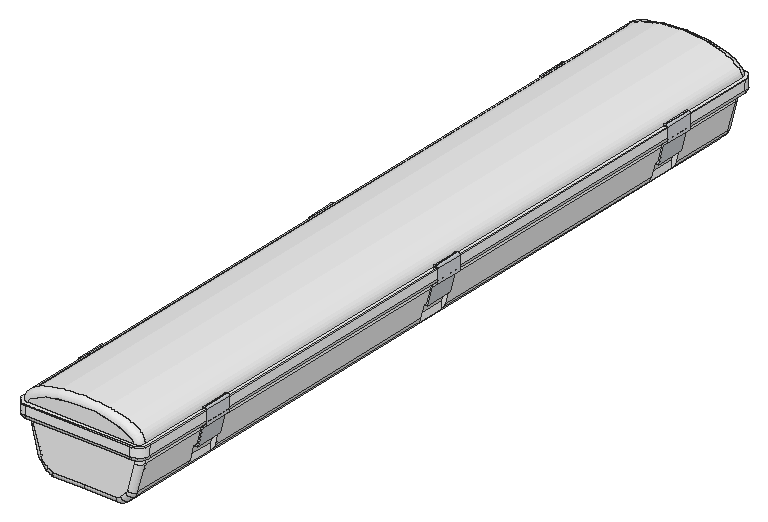
Revit family "0067942 Sylvania Lighting Fixture START Waterproof Twin 600 IP65 2500lm 840", category Lighting Fixtures, host Face, Revit 2016
Family settings
  Host = Face
  Part Type = Normal
  Round Connector Dimension = Use Diameter
  OmniClass Number = 23.80.70.11.14
  OmniClass Title = General Luminaries, Directional
  Cut with Voids When Loaded = No
  Light Source = Yes
  Shared = No
  Room Calculation Point = No
Parameters (values of type "0067942 ST WTRPRF T 600 IP65 2500LM 840")
  Width = 110 mm
  Weight = "1.18 kg"
  Wattage Comments = "n/a"
  Wattage = 20 W
  WarrantyStartDate [instance] = "n/a"
  WarrantyGuarantorParts = "n/a"
  WarrantyDurationUnit = "n/a"
  WarrantyDurationParts = "n/a"
  WarrantyDescription = "n/a"
  built-in parameter 1150110 = 1 (stored number, unit not read)
  Voltage = 0 V
  URL = "http://www.sylvania-lighting.com"
  TypeName = "START Waterproof Twin 600 IP65 2500lm 840"
  Type Image = <None>
  Type Comments = "n/a"
  built-in parameter 1114217 = 1 (stored number, unit not read)
  Tilt Angle = -90.00°
  built-in parameter 1150109 = 1 (stored number, unit not read)
  built-in parameter 1150134 = 12
  built-in parameter 1150113 = 1 (stored number, unit not read)
  SerialNumber [instance] = "n/a"
  ReflectorMaterial = none
  PowerFactor = 0
  PowerConsumption = "20 W"
  Photometric Web File = "0067942.ies"
  NominalWidth = 0 mm
  NominalLength = 665 mm
  NominalHeight = 78 mm
  Name = "START Waterproof Twin 600 IP65 2500lm 840"
  ModelReference = "START Waterproof Twin 600 IP65 2500lm 840"
  ModelNumber = "0067942"
  Model = "START Waterproof Twin 600 IP65 2500lm 840"
  Material = "polycarbonate housing, polycarbonate diffuser"
  ManufacturerName = "Feilo Sylvania"
  Manufacturer = "Feilo Sylvania"
  LuminousEfficacy = "122 lm/W"
  built-in parameter 1150105 = 194.17 (stored number, unit not read)
  Lumens = 2440 lm
  LuminaireType = ""
  built-in parameter 1150115 = 1 (stored number, unit not read)
  LightOutputRatio = "n/a"
  built-in parameter 1150137 = (empty or 0)
  built-in parameter 1150139 = (empty or 0)
  Length = 665 mm
  LampsType = Lamp  # "LED"
  LampNominalLuminous = "2450 lm"
  LampMacAdamStep = "n/a"
  LampColourTemperature = "4000 K"
  LampColourRenderingIndex = "80"
  built-in parameter 1150112 = 1 (stored number, unit not read)
  built-in parameter 1150114 = 1 (stored number, unit not read)
  Lamp = "LED"
  Keynote = "16500"
  InstallationDate [instance] = "n/a"
  InputVoltage = "n/a"
  InputNominalFrequency = "n/a"
  built-in parameter 1150132 = (empty or 0)
  built-in parameter 1150102 = (empty or 0)
  built-in parameter 1150107 = 4000 (stored number, unit not read)
  built-in parameter 1150138 = (empty or 0)
  IngressProtection = "IP65"
  ImpactProtectionIndex = "IK08"
  built-in parameter 1150106 = 1.9417 (stored number, unit not read)
  IfcExportType = "IfcLightFixtureType"
  IfcExportAs = "IfcLightFixtureType"
  ExpectedLife = 50000
  Emit from Rectangle Width = Width - 20 mm  # 90 mm
  Emit from Rectangle Length = Length - 20 mm  # 645 mm
  Emit Shape Visible in Rendering = no
  ElectricShockClassification = "Class I"
  built-in parameter 1150104 = 11.334 (stored number, unit not read)
  DurationUnit = "hours"
  DocumentationLiterature = "http://www.sylvania-lighting.com/product/en-int/products/0067942"
  DimmingControlOptions = "n/a"
  Dimming Lamp Color Temperature Shift = <None>
  DiffuserMaterial = Diffuser-Sylvania-Transparent
  Description = ""
  Default Elevation = 1219.2 mm
  CreatedOn = "11/27/2018"
  CreatedBy = "@sylvania-lighting.com"
  Cost = 0
  Color Filter = 16777215
  built-in parameter 1114216 [instance] = (empty or 0)
  ClassificationValue = "EF_70_80"
  ClassificationName = "Uniclass2015"
  BracketOffset_FEILO = 360 mm
  BodyMaterial = Body-Sylvania-Gray
  BarCode [instance] = "n/a"
  built-in parameter 1114218 = 1 (stored number, unit not read)
  built-in parameter 1150133 = 10 (stored number, unit not read)
  AssetType = "Fixed"
  AssetIdentifier [instance] = "n/a"
  Assembly Code = "D5020200"
  Apparent Load = 20 VA
  AccessoryMaterial = Diffuser-Sylvania-Glow
Reference planes
  plane 1 "Center (Front/Back)": y = 0
  plane 2: z = 0
  plane 3 "Center (Left/Right)": x = 0
  plane 4: z = 54
  plane 5: x = -27.7
  plane 6: x = -34.8
  plane 7: x = -39.6
  plane 8: x = -42.2
  plane 9: z = 3
  plane 10: z = 7.8
  plane 11: z = 12.3
  plane 12: z = 36.6
  plane 13: z = 42.8
  plane 14: x = -51.1
  plane 15: z = 46.2
  plane 16: x = -55
  plane 17: y = 332.5
  plane 18: y = -332.5
  plane 19: x = 27.7
  plane 20: x = 34.8
  plane 21: x = 39.6
  plane 22: x = 42.2
  plane 23: x = 51.1
  plane 24: x = 55
  plane 25: y = 324.9
  plane 26: y = -324.9
  plane 27: y = -321.2
  plane 28: y = 321.2
  plane 29: z = 74
  plane 30: x = -51.5
  plane 31: x = 51.5
  plane 32: z = 55.2
  plane 33: y = -329
  plane 34: y = 329
  plane 35: x = -37.5
  plane 36: x = 37.5
  plane 37: x = -48.7
  plane 38: x = 48.7
  plane 39: x = 18
  plane 40: x = -18
  plane 41: z = 50.2
  plane 42: z = 24.6
  plane 43: y = 720
  plane 44: y = 706
  plane 45: y = 734
  plane 46: y = 250
  plane 47: y = 236
  plane 48: y = 264
  plane 49: y = 0
  plane 50: y = -14
  plane 51: y = 14
  plane 52: y = -250
  plane 53: y = -264
  plane 54: y = -236
Forms (mm)
  Sweep 1, solid, material "Body-Sylvania-Gray" <- "BodyMaterial", detail levels medium+fine
    path origin (1223.4, -4572, 54) x (0, -1, 0) y (1, 0, 0)
      loop
        arc (-4249.5, -1278.4) -> (-4242.429, -1275.471) -> (-4239.5, -1268.4) r 10
        line (-4239.5, -1268.4) -> (-4239.5, -1178.4)
        arc (-4239.5, -1178.4) -> (-4242.429, -1171.329) -> (-4249.5, -1168.4) r 10
        line (-4249.5, -1168.4) -> (-4894.5, -1168.4)
        arc (-4894.5, -1168.4) -> (-4901.571, -1171.329) -> (-4904.5, -1178.4) r 10
        line (-4904.5, -1178.4) -> (-4904.5, -1268.4)
        arc (-4904.5, -1268.4) -> (-4901.571, -1275.471) -> (-4894.5, -1278.4) r 10
        line (-4894.5, -1278.4) -> (-4249.5, -1278.4)
    profile origin (-55, 0, 54) x (-1, 0, 0) y (0, 0, 1)
      loop
        line (0, 0) -> (-1, 0) -> (-1, -7.726)
        arc (-1, -7.726) -> (-1.994, -9.498) -> (-3.9, -10.2) r 2.937
        line (-3.9, -10.2) -> (-8.571, -10.2) -> (-8.571, -11.2) -> (-3.9, -11.2)
        arc (-3.9, -11.2) -> (-1.313, -10.231) -> (0, -7.8) r 3.937
        line (0, -7.8) -> (0, 0)
  Sweep 2, solid, material "Body-Sylvania-Gray" <- "BodyMaterial", detail levels medium+fine
    path origin (0, 0, 0) x (1, 0, 0) y (0, 0, 1)
      loop
        line (48.7, 42.8) -> (48.7, 36.6) -> (42.203, 12.31)
        arc (42.203, 12.31) -> (41.199, 9.884) -> (39.6, 7.8) r 10.052
        line (39.6, 7.8) -> (34.8, 3)
        arc (34.8, 3) -> (31.554, 0.781) -> (27.7, 0) r 9.902
        line (27.7, 0) -> (0, 0) -> (-27.7, 0)
        arc (-27.7, 0) -> (-31.554, 0.781) -> (-34.8, 3) r 9.902
        line (-34.8, 3) -> (-39.6, 7.8)
        arc (-39.6, 7.8) -> (-41.199, 9.884) -> (-42.203, 12.31) r 10.052
        line (-42.203, 12.31) -> (-48.7, 36.6) -> (-48.7, 42.8)
    profile origin (0, 0, 0) x (0, 0, -1) y (0, -1, 0)
      loop
        arc (0, 319.9) -> (-1.464, 323.436) -> (-5, 324.9) r 5
        line (-5, 324.9) -> (-7.8, 324.9) -> (-7.8, -324.9) -> (-5, -324.9)
        arc (-5, -324.9) -> (-1.464, -323.436) -> (0, -319.9) r 5
        line (0, -319.9) -> (0, 319.9)
  Extrusion 3, solid, material "Body-Sylvania-Gray" <- "BodyMaterial", detail levels medium+fine
    sketch origin (1524, 324.9, 1219.2) x (1, 0, 0) y (0, 0, 1)
      loop
        arc (-1558.668, -1204.874) -> (-1558.443, -1205.418) -> (-1558.085, -1205.885) r 2.252
        line (-1558.085, -1205.885) -> (-1553.231, -1210.738)
        arc (-1553.231, -1210.738) -> (-1552.534, -1211.227) -> (-1551.7, -1211.4) r 2.102
        line (-1551.7, -1211.4) -> (-1496.3, -1211.4)
        arc (-1496.3, -1211.4) -> (-1495.466, -1211.227) -> (-1494.769, -1210.738) r 2.102
        line (-1494.769, -1210.738) -> (-1489.915, -1205.885)
        arc (-1489.915, -1205.885) -> (-1489.557, -1205.418) -> (-1489.332, -1204.874) r 2.252
        line (-1489.332, -1204.874) -> (-1483.1, -1181.575) -> (-1483.1, -1176.4) -> (-1564.9, -1176.4) -> (-1564.9, -1181.575) -> (-1558.668, -1204.874)
    from 0 to 649.8
  Sweep 4, solid, material "Diffuser-Sylvania-Transparent" <- "DiffuserMaterial", detail levels medium+fine
    path origin (0, 0, 0) x (1, 0, 0) y (0, 0, 1)
      loop
        spline (-51.5, 55.2) -> (-49.745, 60.066) -> (-44.6, 64.6) -> (-36.416, 68.494) -> (-25.75, 71.481) -> (-13.329, 73.359) -> (0, 74) -> (13.329, 73.359) -> (25.75, 71.481) -> (36.416, 68.494) -> (44.6, 64.6) -> (49.745, 60.066) -> (51.5, 55.2)
    profile origin (51.5, 0, 55.2) x (0, -1, 0) y (1, 0, 0)
      loop
        arc (329, -5.5) -> (327.389, -1.611) -> (323.5, 0) r 5.5
        line (323.5, 0) -> (-323.5, 0)
        arc (-323.5, 0) -> (-327.389, -1.611) -> (-329, -5.5) r 5.5
        line (-329, -5.5) -> (-329, -6.3) -> (-328, -6.3) -> (-328, -5.5)
        arc (-328, -5.5) -> (-326.682, -2.318) -> (-323.5, -1) r 4.5
        line (-323.5, -1) -> (323.5, -1)
        arc (323.5, -1) -> (326.682, -2.318) -> (328, -5.5) r 4.5
        line (328, -5.5) -> (328, -6.347) -> (329, -6.347) -> (329, -5.5)
  Extrusion 5, solid, material "Diffuser-Sylvania-Transparent" <- "DiffuserMaterial", detail levels medium+fine
    sketch origin (1524, -329, 1219.2) x (1, 0, 0) y (0, 0, 1)
      loop
        line (-1569.653, -1164) -> (-1478.347, -1164)
        spline (-1478.347, -1164) -> (-1478.969, -1162.594) -> (-1482.527, -1159.545) -> (-1489.588, -1156.201) -> (-1499.458, -1153.445) -> (-1511.242, -1151.663) -> (-1524, -1151.049) -> (-1536.758, -1151.663) -> (-1548.542, -1153.445) -> (-1558.412, -1156.201) -> (-1565.473, -1159.545) -> (-1569.031, -1162.594) -> (-1569.653, -1164)
    from 0 to -1
  Extrusion 6, solid, material "Diffuser-Sylvania-Transparent" <- "DiffuserMaterial", detail levels medium+fine
    sketch origin (1524, 329, 1219.2) x (1, 0, 0) y (0, 0, 1)
      loop
        spline (-1478.3, -1164) -> (-1478.931, -1162.565) -> (-1482.502, -1159.505) -> (-1489.572, -1156.155) -> (-1499.446, -1153.394) -> (-1511.236, -1151.614) -> (-1524, -1151.007) -> (-1536.764, -1151.614) -> (-1548.554, -1153.394) -> (-1558.428, -1156.155) -> (-1565.498, -1159.505) -> (-1569.069, -1162.565) -> (-1569.7, -1164)
        line (-1569.7, -1164) -> (-1478.3, -1164)
    from 0 to 1
  Extrusion 7, solid, material "Diffuser-Sylvania-Transparent" <- "DiffuserMaterial", detail levels medium+fine
    sketch origin (1223.4, -4572, 55.2) x (0, -1, 0) y (-1, 0, 0)
      loop
        arc (-4900, 1177.4) -> (-4898.682, 1174.218) -> (-4895.5, 1172.9) r 4.5
        line (-4895.5, 1172.9) -> (-4248.5, 1172.9)
        arc (-4248.5, 1172.9) -> (-4245.318, 1174.218) -> (-4244, 1177.4) r 4.5
        line (-4244, 1177.4) -> (-4244, 1269.4)
        arc (-4244, 1269.4) -> (-4245.318, 1272.582) -> (-4248.5, 1273.9) r 4.5
        line (-4248.5, 1273.9) -> (-4895.5, 1273.9)
        arc (-4895.5, 1273.9) -> (-4898.682, 1272.582) -> (-4900, 1269.4) r 4.5
        line (-4900, 1269.4) -> (-4900, 1177.4)
      loop
        line (-4904.5, 1268.4) -> (-4904.5, 1178.4)
        arc (-4904.5, 1178.4) -> (-4901.571, 1171.329) -> (-4894.5, 1168.4) r 10
        line (-4894.5, 1168.4) -> (-4249.5, 1168.4)
        arc (-4249.5, 1168.4) -> (-4242.429, 1171.329) -> (-4239.5, 1178.4) r 10
        line (-4239.5, 1178.4) -> (-4239.5, 1268.4)
        arc (-4239.5, 1268.4) -> (-4242.429, 1275.471) -> (-4249.5, 1278.4) r 10
        line (-4249.5, 1278.4) -> (-4894.5, 1278.4)
        arc (-4894.5, 1278.4) -> (-4901.571, 1275.471) -> (-4904.5, 1268.4) r 10
    from 0 to 1.2
  Extrusion 8, solid, material "Diffuser-Sylvania-Glow" <- "AccessoryMaterial", detail levels fine
    sketch origin (0, 0, 0) x (1, 0, 0) y (0, 0, 1)
      loop
        circle (-18, 50.2) r 8
      loop
        circle (18, 50.2) r 8
    from -321.2 to 321.2
  Extrusion 9, solid, material "Body-Sylvania-Gray" <- "BodyMaterial", detail levels coarse
    sketch origin (0, 0, 0) x (1, 0, 0) y (0, 0, 1)
      loop
        line (55, 42.8) -> (55, 55.2) -> (-55, 55.2) -> (-55, 42.791) -> (-42.2, 0) -> (42.2, 0) -> (55, 42.8)
    from -332.5 to 332.5
  Extrusion 10, solid, material "Diffuser-Sylvania-Transparent" <- "DiffuserMaterial", detail levels coarse
    sketch origin (0, 0, 0) x (1, 0, 0) y (0, 0, 1)
      loop
        arc (51.5, 55.2) -> (0, 74) -> (-51.5, 55.2) r 79.939
        line (-51.5, 55.2) -> (51.5, 55.2)
    from 324.9 to -324.9
  Extrusion 11, void, not visible
    sketch origin (0, 720, 2343.807) x (0, 0, -1) y (-1, 0, 0)
      loop
        line (2340.807, -37.5) -> (2331.507, -37.5) -> (2319.207, -42.2) -> (2319.207, -48.7) -> (2340.807, -48.7) -> (2340.807, -37.5)
      loop
        line (2340.807, 37.5) -> (2340.807, 48.7) -> (2319.207, 48.7) -> (2319.207, 42.2) -> (2331.507, 37.5) -> (2340.807, 37.5)
    from -14 to 14
  Extrusion 12, void
    sketch origin (0, 250, 2343.807) x (0, 0, -1) y (-1, 0, 0)
      loop
        line (2340.807, -37.5) -> (2331.507, -37.5) -> (2319.207, -42.2) -> (2319.207, -48.7) -> (2340.807, -48.7) -> (2340.807, -37.5)
      loop
        line (2340.807, 37.5) -> (2340.807, 48.7) -> (2319.207, 48.7) -> (2319.207, 42.2) -> (2331.507, 37.5) -> (2340.807, 37.5)
    from -14 to 14
  Extrusion 13, void
    sketch origin (0, 0, 2343.807) x (0, 0, -1) y (-1, 0, 0)
      loop
        line (2340.807, -37.5) -> (2331.507, -37.5) -> (2319.207, -42.2) -> (2319.207, -48.7) -> (2340.807, -48.7) -> (2340.807, -37.5)
      loop
        line (2340.807, 37.5) -> (2340.807, 48.7) -> (2319.207, 48.7) -> (2319.207, 42.2) -> (2331.507, 37.5) -> (2340.807, 37.5)
    from -14 to 14
  Extrusion 14, void
    sketch origin (0, -250, 2343.807) x (0, 0, -1) y (-1, 0, 0)
      loop
        line (2340.807, -37.5) -> (2331.507, -37.5) -> (2319.207, -42.2) -> (2319.207, -48.7) -> (2340.807, -48.7) -> (2340.807, -37.5)
      loop
        line (2340.807, 37.5) -> (2340.807, 48.7) -> (2319.207, 48.7) -> (2319.207, 42.2) -> (2331.507, 37.5) -> (2340.807, 37.5)
    from -14 to 14
Cuts and joins
  Extrusion 12, Extrusion 13, Extrusion 14 cuts Sweep 2
  Extrusion 12, Extrusion 13, Extrusion 14 cuts Extrusion 3
  joined: Sweep 2, Extrusion 3
  joined: Sweep 4, Extrusion 5, Extrusion 6
Dimensions and locks
  locked: plane 4 to plane 2 at 54
  plane 5 to plane 6 to plane 7 to plane 8 to plane 14 to plane 16 = 7.1 mm locked, 4.8 mm locked, 2.6 mm locked, 8.9 mm, 3.9 mm
  plane 4 to plane 15 to plane 13 to plane 12 to plane 11 to plane 10 to plane 9 = 7.8 mm locked, 3.4 mm, 6.2 mm locked, 24.3 mm locked, 4.5 mm locked, 4.8 mm locked
  equal spacing: plane 18, plane 1 "Center (Front/Back)", plane 17
  "Length": plane 18 to plane 17
  plane 19 to plane 20 to plane 21 to plane 22 to plane 23 to plane 24 = 7.1 mm locked, 4.8 mm locked, 2.6 mm locked, 8.9 mm, 3.9 mm
  equal spacing: plane 24, plane 3 "Center (Left/Right)", plane 16
  "Width": plane 24 to plane 16
  equal spacing: plane 27, plane 1 "Center (Front/Back)", plane 28
  locked: plane 26 to plane 27 at 3.7
  locked: Sweep 1 sketch curve to profile plane at 1
  locked: Sweep 1 sketch curve to plane 13 at 1
  locked: Sweep 1 sketch curve to plane 13 at 3.937  (x2)
  locked: Sweep 1 sketch curve to profile plane at 3.9  (x2)
  locked: plane 29 to plane 4 at 20
  equal spacing: plane 31, plane 3 "Center (Left/Right)", plane 30
  locked: plane 30 to plane 16 at 3.5
  locked: plane 32 to plane 4 at 1.2
  equal spacing: plane 33, plane 1 "Center (Front/Back)", plane 34
  equal spacing: plane 36, plane 3 "Center (Left/Right)", plane 35
  locked: plane 3 "Center (Left/Right)" to plane 35 at 37.5
  locked: plane 34 to plane 17 at 3.5
  equal spacing: plane 38, plane 3 "Center (Left/Right)", plane 37
  locked: plane 37 to plane 16 at 6.3
  equal spacing: plane 25, plane 1 "Center (Front/Back)", plane 26
  locked: plane 17 to plane 25 at 7.6
  locked: Sweep 2 sketch curve to plane 2 at 5  (x2)
  locked: Sweep 2 sketch curve to plane 26 at 5
  locked: plane 25 to Sweep 2 sketch curve at 5
  locked: Sweep 4 sketch curve to plane 31 at 5.5  (x2)
  locked: Sweep 4 sketch curve to plane 34 at 5.5
  plane 33 to Sweep 4 sketch curve = 5.5 mm
  locked: plane 34 to Sweep 4 sketch curve at 1
  locked: Sweep 4 sketch curve to plane 31 at 1
  locked: Sweep 4 sketch curve to Sweep 4 sketch curve at 1
  locked: Sweep 4 sketch curve to plane 31 at 6.347
  locked: Sweep 4 sketch curve to plane 31 at 6.3
  equal spacing: plane 39, plane 3 "Center (Left/Right)", plane 40
  locked: plane 3 "Center (Left/Right)" to plane 40 at 18
  locked: plane 42 to plane 2 at 24.6
  plane 45 to plane 43 to plane 44 = 14 mm locked, 14 mm locked
  plane 48 to plane 46 to plane 47 = 14 mm locked, 14 mm locked
  plane 51 to plane 49 to plane 50 = 14 mm locked, 14 mm locked
  plane 54 to plane 52 to plane 53 = 14 mm locked, 14 mm locked
  equal spacing: plane 46, plane 1 "Center (Front/Back)", plane 52
  locked: plane 46 to plane 1 "Center (Front/Back)" at 250
  aligned and locked: plane 2 to host face
  aligned and locked: level to host face
  aligned and locked: plane 16 to Sweep 1 sketch curve
  aligned and locked: Sweep 1 sketch curve to plane 24
  aligned and locked: plane 18 to Sweep 1 sketch curve
  aligned and locked: Sweep 1 sketch curve to plane 13
  aligned and locked: profile plane to Sweep 1 sketch curve
  aligned and locked: plane 3 "Center (Left/Right)" to Sweep 2 sketch curve
  aligned and locked: plane 9 to Sweep 2 sketch curve
  aligned and locked: plane 10 to Sweep 2 sketch curve
  aligned and locked: plane 37 to Sweep 2 sketch curve
  aligned and locked: plane 12 to Sweep 2 sketch curve
  aligned and locked: Sweep 2 sketch curve to level
  aligned and locked: plane 21 to Sweep 2 sketch curve
  aligned and locked: plane 38 to Sweep 2 sketch curve
  aligned and locked: profile plane to Sweep 2 sketch curve
  aligned and locked: plane 25 to Sweep 2 sketch curve
  aligned and locked: Sweep 2 sketch curve to plane 10
  aligned and locked: Extrusion 3 sketch curve to Sweep 2  (x7)
  aligned and locked: Sweep 2 to Extrusion 3 sketch curve
  aligned and locked: Extrusion 3 to plane 25
  aligned and locked: plane 26 to Extrusion 3
  aligned and locked: plane 32 to Sweep 4 sketch curve
  aligned and locked: plane 33 to Sweep 4 sketch curve
  aligned and locked: Sweep 4 to Extrusion 5
  aligned and locked: plane 33 to Extrusion 5
  aligned and locked: Extrusion 5 sketch curve to Sweep 4
  aligned and locked: cut or joined group of Sweep 4, Extrusion 5, Extrusion 6 to Extrusion 6 sketch curve
  aligned and locked: Extrusion 7 sketch curve to cut or joined group of Sweep 4, Extrusion 5, Extrusion 6  (x2)
  aligned and locked: cut or joined group of Sweep 4, Extrusion 5, Extrusion 6 to Extrusion 7 sketch curve  (x2)
  aligned and locked: plane 41 to Extrusion 8 sketch curve  (x2)
  aligned and locked: plane 39 to Extrusion 8 sketch curve
  aligned and locked: plane 27 to Extrusion 8
  aligned and locked: Extrusion 8 to plane 28
  aligned and locked: Extrusion 7 sketch curve to Sweep 1  (x4)
  aligned and locked: plane 4 to Extrusion 7
  aligned and locked: Extrusion 7 to plane 32
  aligned and locked: Extrusion 9 sketch curve to plane 24
  aligned and locked: Extrusion 9 sketch curve to Extrusion 7
  aligned and locked: plane 8 to Extrusion 9 sketch curve
  aligned and locked: plane 22 to Extrusion 9 sketch curve
  aligned and locked: level to Extrusion 9 sketch curve
  aligned and locked: Extrusion 9 to plane 17
  aligned and locked: plane 18 to Extrusion 9
  aligned and locked: cut or joined group of Sweep 4, Extrusion 5, Extrusion 6 to Extrusion 10 sketch curve
  aligned and locked: Extrusion 10 sketch curve to cut or joined group of Sweep 4, Extrusion 5, Extrusion 6  (x2)
  aligned and locked: plane 31 to Extrusion 10 sketch curve
  aligned and locked: plane 30 to Extrusion 10 sketch curve
  aligned and locked: plane 26 to Extrusion 10
  aligned and locked: Extrusion 10 to plane 25
  aligned and locked: imposter light to plane 29
  aligned and locked: plane 3 "Center (Left/Right)" to imposter light
  aligned and locked: plane 1 "Center (Front/Back)" to imposter light
  aligned and locked: plane 47 to Extrusion 12
  aligned and locked: Extrusion 12 to plane 48
  aligned and locked: plane 50 to Extrusion 13
  aligned and locked: Extrusion 13 to plane 51
  aligned and locked: plane 53 to Extrusion 14
  aligned and locked: Extrusion 14 to plane 54
  aligned and locked: nested 1 to plane 46
  aligned and locked: plane 46 to nested 6
  aligned and locked: nested 2 to plane 49
  aligned and locked: plane 49 to nested 5
  aligned and locked: nested 3 to plane 52
  aligned and locked: plane 52 to nested 4
  aligned and locked: plane 49 to plane 1 "Center (Front/Back)"
Automatic sketch dimensions
  host sketch curve to host sketch curve = 2438.4 mm  (x2)
  plane 17 to Sweep 1 sketch curve = 0 mm
  Sweep 1 sketch curve to plane 28 = 1.3 mm
  Sweep 1 sketch curve to plane 7 = 5.4 mm
  plane 27 to Sweep 1 sketch curve = 1.3 mm  (x2)
  Sweep 1 sketch curve to Sweep 1 sketch curve = 4.671 mm
  Sweep 1 sketch curve to plane 4 = 0 mm
  Sweep 2 sketch curve to plane 7 = 0 mm
  Sweep 2 sketch curve to plane 6 = 0 mm
  Sweep 2 sketch curve to plane 5 = 0 mm
  plane 19 to Sweep 2 sketch curve = 0 mm
  Sweep 2 sketch curve to plane 9 = 0 mm
  plane 20 to Sweep 2 sketch curve = 0 mm
  Sweep 2 sketch curve to plane 12 = 0 mm
  Sweep 2 sketch curve to plane 10 = 0 mm
  Sweep 2 sketch curve to plane 13 = 0 mm  (x2)
  Sweep 2 sketch curve to plane 8 = 0.003 mm
  plane 6 to Sweep 2 sketch curve = 2.308 mm
  plane 20 to Sweep 2 sketch curve = 2.308 mm
  Sweep 2 sketch curve to plane 22 = 0.003 mm
  Sweep 2 sketch curve to plane 11 = 0.01 mm  (x2)
  Extrusion 3 sketch curve to plane 5 = 0 mm
  plane 19 to Extrusion 3 sketch curve = 0 mm
  plane 6 to Extrusion 3 sketch curve = 0.132 mm
  plane 6 to Extrusion 3 sketch curve = 0.715 mm
  Extrusion 3 sketch curve to Extrusion 3 sketch curve = 1.592 mm
  Extrusion 3 sketch curve to plane 10 = 0.662 mm  (x2)
  plane 20 to Extrusion 3 sketch curve = 2.308 mm
  plane 20 to Extrusion 3 sketch curve = 0.715 mm
  plane 20 to Extrusion 3 sketch curve = 0.132 mm
  Sweep 4 sketch curve to plane 30 = 0 mm
  Sweep 4 sketch curve to plane 3 "Center (Left/Right)" = 0 mm
  Sweep 4 sketch curve to Sweep 4 sketch curve = 0 mm  (x2)
  plane 37 to Extrusion 5 sketch curve = 3.047 mm
  Extrusion 5 sketch curve to plane 38 = 3.047 mm
  plane 37 to Extrusion 6 sketch curve = 3 mm
  Extrusion 6 sketch curve to plane 38 = 3 mm
  plane 25 to Extrusion 7 sketch curve = 1.4 mm  (x2)
  Extrusion 7 sketch curve to plane 26 = 1.4 mm  (x2)
  Extrusion 8 sketch curve to plane 40 = 0 mm
  Extrusion 9 sketch curve to plane 13 = 0 mm
  plane 13 to Extrusion 9 sketch curve = 0.009 mm
  Extrusion 10 sketch curve to level = 5.939 mm
  Extrusion 9 sketch curve to plane 16 = 0 mm
  Extrusion 11 sketch curve to Extrusion 11 sketch curve = 0 mm
  Extrusion 11 sketch curve to Extrusion 11 sketch curve = 12.3 mm  (x2)
  Extrusion 11 sketch curve to Extrusion 11 sketch curve = 9.3 mm  (x2)
  Extrusion 11 sketch curve to Extrusion 11 sketch curve = 6.5 mm
  Extrusion 11 sketch curve to Extrusion 11 sketch curve = 4.7 mm  (x2)
  Extrusion 11 sketch curve to Extrusion 11 sketch curve = 75 mm
  Extrusion 11 sketch curve to Extrusion 11 sketch curve = 11.2 mm
  Extrusion 12 sketch curve to Extrusion 12 sketch curve = 0 mm
  Extrusion 12 sketch curve to Extrusion 12 sketch curve = 12.3 mm  (x2)
  Extrusion 12 sketch curve to Extrusion 12 sketch curve = 9.3 mm  (x2)
  Extrusion 12 sketch curve to Extrusion 12 sketch curve = 6.5 mm
  Extrusion 12 sketch curve to Extrusion 12 sketch curve = 4.7 mm  (x2)
  Extrusion 12 sketch curve to Extrusion 12 sketch curve = 75 mm
  Extrusion 12 sketch curve to Extrusion 12 sketch curve = 11.2 mm
  Extrusion 13 sketch curve to Extrusion 13 sketch curve = 0 mm
  Extrusion 13 sketch curve to Extrusion 13 sketch curve = 12.3 mm  (x2)
  Extrusion 13 sketch curve to Extrusion 13 sketch curve = 9.3 mm  (x2)
  Extrusion 13 sketch curve to Extrusion 13 sketch curve = 6.5 mm
  Extrusion 13 sketch curve to Extrusion 13 sketch curve = 4.7 mm  (x2)
  Extrusion 13 sketch curve to Extrusion 13 sketch curve = 75 mm
  Extrusion 13 sketch curve to Extrusion 13 sketch curve = 11.2 mm
  Extrusion 14 sketch curve to Extrusion 14 sketch curve = 0 mm
  Extrusion 14 sketch curve to Extrusion 14 sketch curve = 12.3 mm  (x2)
  Extrusion 14 sketch curve to Extrusion 14 sketch curve = 9.3 mm  (x2)
  Extrusion 14 sketch curve to Extrusion 14 sketch curve = 6.5 mm
  Extrusion 14 sketch curve to Extrusion 14 sketch curve = 4.7 mm  (x2)
  Extrusion 14 sketch curve to Extrusion 14 sketch curve = 75 mm
  Extrusion 14 sketch curve to Extrusion 14 sketch curve = 11.2 mm
  radius of Extrusion 8 sketch curve = 8 mm  (x2)
Nested families
  nested 1: "Clip" at (-42.2, 250, 24.6) x (-1, 0, 0) z (0, 0, 1), type "Clip", detail levels fine
  nested 2: "Clip" at (-42.2, 0, 24.6) x (-1, 0, 0) z (0, 0, 1), type "Clip", detail levels fine
  nested 3: "Clip" at (-42.2, -250, 24.6) x (-1, 0, 0) z (0, 0, 1), type "Clip", detail levels fine
  nested 4: "Clip" at (42.2, -250, 24.6), type "Clip", detail levels fine
  nested 5: "Clip" at (42.2, 0, 24.6), type "Clip", detail levels fine
  nested 6: "Clip" at (42.2, 250, 24.6), type "Clip", detail levels fine
Connectors
  electrical at (0, 0, 0), driven by "Apparent Load"
    settings: index 1, voltage 230 V, apparent load 20 VA, apparent load phase1 0 VA, apparent load phase2 0 VA, apparent load phase3 0 VA, power factor 0, load classification "Lighting", number of poles 1, system type 30, power factor state 1, is connector primary yes, connector utility no, sub classification motor no, connector description ""
Definition of nested family "Clip"
  Parameters (values of type "Clip")
    URL = "http://www.feilosylvania.com"
    Type Comments = "n/a"
    Model = "n/a"
    Manufacturer = "Feilo Sylvania"
    Keynote = "n/a"
    Description = "n/a"
    Default Elevation = 1219.2 mm
    Cost = 0
    BodyMaterial = none
    Assembly Code = "n/a"
  Reference planes
    plane 1 "Center (Front/Back)": y = 0
    plane 2: z = 0
    plane 3 "Center (Left/Right)": x = 0
    plane 4: x = 3.3
    plane 5: x = 6.5
    plane 6: x = 8.9
    plane 7: x = 12.8
    plane 8: z = 12
    plane 9: z = 18.2
    plane 10: z = 21.6
    plane 11: z = 30.6
    plane 12: x = 9.3
    plane 13: z = 19.2
    plane 14: z = 16.2
    plane 15: x = 10.1
    plane 16: y = 12
    plane 17: y = -12
  Forms (mm)
    Extrusion 1, solid
      sketch origin (-0.8, 0, 0) x (1, 0, 0) y (0, 1, 0)
        loop
          line (-1219.2, 1219.2) -> (-1219.2, -1219.2) -> (1219.2, -1219.2) -> (1219.2, 1219.2) -> (-1219.2, 1219.2)
      from 0 to -304.8
    Extrusion 2, solid
      sketch origin (0, 0, 0) x (1, 0, 0) y (0, 0, 1)
        loop
          line (8.9, 16.2) -> (4.58, 0) -> (0, 0) -> (0, -0.8) -> (5.195, -0.8) -> (9.603, 15.731) -> (13.6, 18.806) -> (13.6, 30.6)
          arc (13.6, 30.6) -> (11.45, 32.75) -> (9.3, 30.6) r 2.15
          line (9.3, 30.6) -> (10.1, 30.6)
          arc (10.1, 30.6) -> (11.45, 31.95) -> (12.8, 30.6) r 1.35
          line (12.8, 30.6) -> (12.8, 19.2) -> (8.9, 16.2)
      from -12 to 12
  Lines and regions (mm)
    reference lines
      curve 1: line (3.3, 0, 0) -> (6.5, 0, 12)
      curve 2: arc (8.9, 0, 18.2) -> (11.488, 0, 19.169) -> (12.8, 0, 21.6) r 3.934
  Dimensions and locks
    plane 7 to plane 6 to plane 5 to plane 4 to plane 3 "Center (Left/Right)" = 3.9 mm locked, 2.4 mm locked, 3.2 mm locked, 3.3 mm locked
    plane 11 to plane 10 to plane 9 to plane 8 to plane 2 = 9 mm locked, 3.4 mm locked, 6.2 mm locked, 12 mm locked
    locked: plane 7 to plane 12 at 3.5
    locked: plane 13 to plane 9 at 1
    locked: plane 9 to plane 14 at 2
    locked: plane 15 to plane 12 at 0.8
    locked: plane 2 to Extrusion 2 sketch curve at 0.8
    locked: Extrusion 2 sketch curve to Extrusion 2 sketch curve at 0.8  (x3)
    locked: plane 7 to Extrusion 2 sketch curve at 1.35
    equal spacing: plane 17, plane 1 "Center (Front/Back)", plane 16
    locked: plane 1 "Center (Front/Back)" to plane 16 at 12
    aligned and locked: plane 2 to Extrusion 1
    aligned and locked: level to Extrusion 1
    aligned and locked: plane 4 to curve 1
    aligned and locked: plane 5 to curve 1
    aligned and locked: plane 6 to curve 2
    aligned and locked: plane 10 to curve 2
    aligned and locked: plane 14 to Extrusion 2 sketch curve
    aligned and locked: plane 13 to Extrusion 2 sketch curve
    aligned and locked: plane 7 to Extrusion 2 sketch curve
    aligned and locked: plane 3 "Center (Left/Right)" to Extrusion 2 sketch curve
    aligned and locked: Extrusion 2 sketch curve to level
    aligned and locked: Extrusion 2 sketch curve to plane 11
    aligned and locked: plane 11 to Extrusion 2 sketch curve
    aligned and locked: Extrusion 2 to plane 16
    aligned and locked: plane 17 to Extrusion 2
  Automatic sketch dimensions
    Extrusion 1 sketch curve to Extrusion 1 sketch curve = 2438.4 mm  (x2)
    curve 2 to plane 7 = 0 mm
    curve 1 to level = 0 mm
    curve 1 to plane 8 = 0 mm
    curve 2 to plane 9 = 0 mm
    plane 6 to curve 2 = 0.002 mm
    Extrusion 2 sketch curve to Extrusion 2 sketch curve = 0 mm
    Extrusion 2 sketch curve to plane 6 = 0 mm
    plane 4 to Extrusion 2 sketch curve = 1.28 mm
